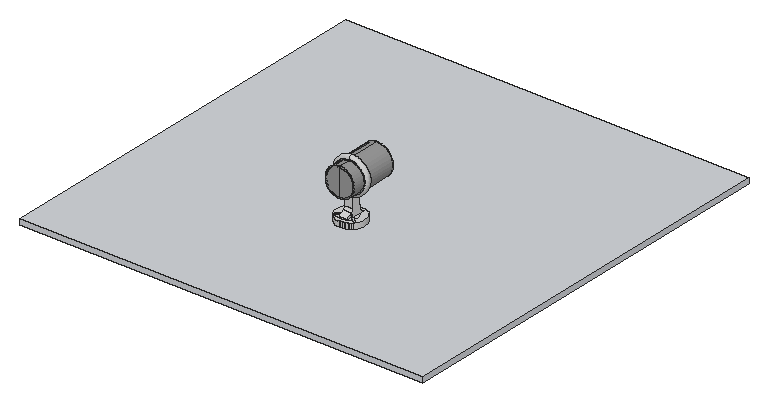
Revit family "41-Cepillera", category Aparatos sanitarios, Revit 2018
Family settings
  Anfitrión = Cara
  Cota de conector redondo = Diámetro de uso
  Tipo de pieza = Normal
  Número OmniClass = 23.45.00.00
  Título OmniClass = Sanitary, Laundry, and Cleaning Equipment
  Corte con vacíos al cargar = No
  Compartido = No
  Punto de cálculo de habitación = No
Parameters
  Vida útil unidad = ""
  Vida útil = ""
  URL = ""
  Tráfico = "Residencial"
  Presión mínima = ""
  Presión Máxima = ""
  Nombre del Fabricante = "Corona"
  Nombre = "Cepillera Palermo"
  Model = ""
  Material de Fabricación = "Latón"
  Material Acabado = Cromo-Corona
  Fabricante = "www.corona.com.co"
  Default Elevation = 0 mm
  Duración Garantía Unidad = "Año"
  Diámetro de conexión entrada = ""
  Descripción IFC = "Cepillera Palermo"
  Description = ""
  Assembly Code = ""
  Consumo de agua = ""
  Color = "Cromo"
  Caudal = ""
  Acabado = "Brillante"
Reference planes
  plane 1 "Center (Front/Back)": y = 0
  plane 2: z = 0
  plane 3 "Center (Left/Right)": x = 0
  plane 4: z = 76.522
  plane 5: x = 34.346
  plane 6: y = 63.466
Forms (mm)
  Extrusion 1, solid
    sketch origin (0, 0, 0) x (1, 0, 0) y (0, 1, 0)
      loop
        line (-385.853, 470) -> (-385.853, -304.449) -> (380.791, -304.449) -> (380.791, 470) -> (-385.853, 470)
    from 0 to -9.713
  Revolve 2, solid, material "Cromo-Corona", detail levels medium+fine
    sketch origin (0, 0, 0) x (0, -1, 0) y (0, 0, 1)
      loop
        line (0, 0) -> (27, 0) -> (27, 10.016) -> (15.089, 10.016) -> (0, 10.016) -> (0, 0)
      axis (0, 10.016) -> (0, 0)
    angle from 0 to 360
  Extrusion 3, solid, material "Cromo-Corona", detail levels medium+fine
    sketch origin (-20.24, 0, 0) x (0, 1, 0) y (0, 0, -1)
      loop
        line (-18.902, -12.351) -> (-7.631, -18.345)
        arc (-7.631, -18.345) -> (-4.924, -20.913) -> (-3.927, -24.509) r 6.981
        line (-3.927, -24.509) -> (-3.927, -45.99)
        arc (-3.927, -45.99) -> (1.397, -51.314) -> (6.721, -45.99) r 5.324
        line (6.721, -45.99) -> (11.89, -19.399)
        arc (11.89, -19.399) -> (14.781, -13.536) -> (20.248, -9.949) r 12.433
        line (20.248, -9.949) -> (-18.902, -9.949) -> (-18.902, -12.351)
    from -27.972 to -12.508
  Revolve 4, solid, material "Cromo-Corona", detail levels medium+fine
    sketch origin (0, 0, 0) x (0, -1, 0) y (0, 0, 1)
      loop
        line (27, 0) -> (27, 10.174)
        arc (27, 10.174) -> (26.284, 11.903) -> (24.555, 12.619) r 2.445
        line (24.555, 12.619) -> (0, 12.619) -> (0, 0) -> (27, 0)
      axis (0, 12.619) -> (0, 0)
    angle from -45 to 45
  Sweep 5, solid
    path origin (0, 0, 10.122) x (0, -1, 0) y (1, 0, 0)
      loop
        line (0, 0) -> (20.105, 20.105)
    profile origin (10.053, -10.053, 10.122) x (0.707107, 0.707107, 0) y (0, 0, 1)
      loop
        line (0, 2.515) -> (0, 0.003) -> (2.332, 0.003)
        arc (2.332, 0.003) -> (1.063, 0.556) -> (0.605, 1.862) r 1.731
        arc (0.605, 1.862) -> (0.445, 2.321) -> (0, 2.515) r 0.605
  Revolve 6, void
    sketch origin (0, 0, 0) x (0, -1, 0) y (0, 0, 1)
      loop
        line (27, 0) -> (28.874, 0) -> (28.388, 13.913) -> (24.556, 13.913) -> (24.556, 12.621)
        arc (24.556, 12.621) -> (26.294, 11.792) -> (27, 10) r 2.627
        line (27, 10) -> (27, 0)
      axis (0, 13.913) -> (0, 0)
    angle from 0 to 360
  Sweep 7, solid, material "Cromo-Corona", detail levels medium+fine
    path origin (0, 0, 10.122) x (0, -1, 0) y (1, 0, 0)
      loop
        line (0, 0) -> (20.105, -20.105)
    profile origin (-10.053, -10.053, 10.122) x (0.707107, -0.707107, 0) y (0, 0, 1)
      loop
        arc (0, 2.515) -> (-0.428, 2.338) -> (-0.605, 1.91) r 0.605
        arc (-0.605, 1.91) -> (-1.064, 0.605) -> (-2.332, 0.052) r 1.731
        line (-2.332, 0.052) -> (0, 0.052) -> (0, 2.515)
  Revolve 8, solid, material "Cromo-Corona", detail levels medium+fine
    sketch origin (0, 0, 0) x (0, 1, 0) y (0, 0, 1)
      loop
        line (7.057, 47.525) -> (7.057, 51.467) -> (-3.701, 51.467) -> (-3.701, 47.525)
        arc (-3.701, 47.525) -> (1.678, 42.146) -> (7.057, 47.525) r 5.379
      axis (7.057, 76.522) -> (-3.701, 76.522)
    angle from 0 to 360
  Revolve 9, solid, material "Acrilico Corona", detail levels medium+fine
    sketch origin (0, 0, 0) x (0, 1, 0) y (0, 0, 1)
      loop
        arc (62.551, 46.753) -> (63.472, 47.674) -> (62.551, 48.595) r 0.921
        line (62.551, 48.595) -> (-1.928, 48.595) -> (-1.928, 50.953) -> (-25.224, 50.953) -> (-25.224, 76.522) -> (-27.224, 76.522) -> (-27.224, 50.341)
        arc (-27.224, 50.341) -> (-26.904, 49.568) -> (-26.131, 49.248) r 1.094
        line (-26.131, 49.248) -> (-3.634, 49.248)
        arc (-3.634, 49.248) -> (-3.41, 47.546) -> (-1.887, 46.753) r 1.859
        line (-1.887, 46.753) -> (6.666, 46.753) -> (62.551, 46.753)
      axis (62.551, 76.522) -> (-27.224, 76.522)
    angle from 0 to 360
  Extrusion 10, solid, material "Vidrio", detail levels coarse
    sketch origin (0, 0, 0) x (0, 1, 0) y (0, 0, 1)
      loop
        line (63.466, 111.247) -> (-27, 111.247) -> (-27, 0) -> (63.466, 0) -> (63.466, 111.247)
    from -34.864 to 33.853
Cuts and joins
  Revolve 6 cuts Revolve 2
  Revolve 6 cuts Sweep 5
  Revolve 6 cuts Sweep 7
Lines and regions (mm)
  symbolic lines, not visible, detail levels medium+fine
    curve 1: arc (-9.395, 25.313, 60) -> (-26.575, -4.773, 60) -> (0, -27, 60) r 27
    curve 2: arc (-23.417, 2.554, 60) -> (-18.953, 13.988, 60) -> (-9.343, 21.623, 60) r 23.555
    curve 3: arc (0, -23.555, 60) -> (-15.727, -17.536, 60) -> (-23.417, -2.554, 60) r 23.555
    curve 4: arc (23.417, -2.554, 60) -> (15.727, -17.536, 60) -> (0, -23.555, 60) r 23.555
    curve 5: arc (20.24, -4.076, 60) -> (16.164, 0, 60) -> (20.24, 4.076, 60) r 4.076
    curve 6: arc (20.24, 2.188, 60) -> (22.428, 0, 60) -> (20.24, -2.188, 60) r 2.188
    curve 7: arc (20.24, -2.188, 60) -> (18.052, 0, 60) -> (20.24, 2.188, 60) r 2.188
    curve 8: arc (20.24, 4.076, 60) -> (24.316, 0, 60) -> (20.24, -4.076, 60) r 4.076
    curve 9: arc (-20.24, 4.076, 60) -> (-24.316, 0, 60) -> (-20.24, -4.076, 60) r 4.076
    curve 10: arc (-20.24, -4.076, 60) -> (-16.164, 0, 60) -> (-20.24, 4.076, 60) r 4.076
    curve 11: arc (-20.24, -2.188, 60) -> (-18.052, 0, 60) -> (-20.24, 2.188, 60) r 2.188
    curve 12: arc (-20.24, 2.188, 60) -> (-22.428, 0, 60) -> (-20.24, -2.188, 60) r 2.188
    curve 13: arc (0, -27, 60) -> (26.585, -4.715, 60) -> (9.284, 25.354, 60) r 27
    curve 14: arc (9.214, 21.679, 60) -> (18.911, 14.044, 60) -> (23.417, 2.554, 60) r 23.555
    curve 15: arc (9.87, -10, 60) -> (14.737, 0, 60) -> (9.87, 10, 60) r 12.706
    curve 16: arc (-9.87, -10, 60) -> (-14.737, 0, 60) -> (-9.87, 10, 60) r 12.706
    curve 17: line (9.87, 10, 60) -> (-9.87, 10, 60)
    curve 18: line (-9.87, -10, 60) -> (9.87, -10, 60)
    curve 20: line (-20.24, -27, 0) -> (-20.24, -27, 2.689)
    curve 21: arc (-20.24, -27, 2.689) -> (-20.24, -26.589, 3.681) -> (-20.24, -25.597, 4.092) r 1.403
    curve 22: line (-20.24, -25.597, 4.092) -> (-20.24, 25.449, 4.092)
    curve 23: arc (-20.24, 25.449, 4.092) -> (-20.24, 26.581, 3.623) -> (-20.24, 27.05, 2.49) r 1.602
    curve 24: line (-20.24, 27.05, 2.49) -> (-20.24, 27.05, 0)
    curve 25: line (-20.24, -23.555, 4.092) -> (-20.24, -16.852, 10.795)
    curve 26: arc (-20.24, -16.852, 10.795) -> (-20.24, -16, 11.37) -> (-20.24, -14.994, 11.584) r 2.694
    curve 27: line (-20.24, -14.994, 11.584) -> (-20.24, 15.089, 11.584)
    curve 28: arc (-20.24, 15.089, 11.584) -> (-20.24, 16.111, 11.357) -> (-20.24, 16.942, 10.72) r 2.419
    curve 29: line (-20.24, 16.942, 10.72) -> (-20.24, 23.57, 4.092)
    curve 30: line (-20.24, -10, 11.584) -> (-20.24, -10, 72.37)
    curve 31: arc (-20.24, -10, 72.37) -> (-20.24, 0, 77.201) -> (-20.24, 10, 72.37) r 12.765
    curve 32: line (-20.24, 10, 72.37) -> (-20.24, 10, 11.584)
    curve 34: line (27.05, 0, 0) -> (27.05, 0, 2.516)
    curve 35: arc (27.05, 0, 2.516) -> (26.551, 0, 3.663) -> (25.373, 0, 4.08) r 1.567
    curve 36: line (25.373, 0, 4.08) -> (-25.331, 0, 4.08)
    curve 37: arc (-25.331, 0, 4.08) -> (-26.511, 0, 3.591) -> (-27, 0, 2.411) r 1.669
    curve 38: line (-27, 0, 2.411) -> (-27, 0, 0)
    curve 39: line (-23.412, 0, 4.08) -> (-16.514, 0, 10.978)
    curve 40: arc (-16.514, 0, 10.978) -> (-15.691, 0, 11.489) -> (-14.726, 0, 11.584) r 2.133
    curve 41: line (-14.726, 0, 11.584) -> (15.1, 0, 11.584)
    curve 42: arc (15.1, 0, 11.584) -> (16.03, 0, 11.363) -> (16.763, 0, 10.748) r 2.072
    curve 43: line (16.763, 0, 10.748) -> (23.431, 0, 4.08)
    curve 44: line (9.881, 0, 11.584) -> (9.881, 0, 62.5)
    curve 45: arc (9.881, 0, 62.5) -> (0.011, 0, 72.37) -> (-9.859, 0, 62.5) r 9.87
    curve 46: line (-9.859, 0, 11.584) -> (-9.859, 0, 62.5)
    curve 47: line (14.754, 0, 11.584) -> (14.754, 0, 62.5)
    curve 48: arc (14.754, 0, 62.5) -> (-0.012, 0, 77.265) -> (-14.777, 0, 62.5) r 14.765
    curve 49: line (-14.777, 0, 62.5) -> (-14.777, 0, 11.522)
  symbolic lines, detail levels coarse
    curve 19: line (27, 0, 0) -> (-27, 0, 0)
    curve 33: line (-20.24, 30.401, 0) -> (-20.24, -27, 0)
    curve 92: line (-34.594, 63.483, 60) -> (34.625, 63.483, 60)
    curve 93: line (-34.594, -27.242, 60) -> (-34.594, 63.483, 60)
    curve 94: line (34.625, -27.242, 60) -> (-34.594, -27.242, 60)
    curve 95: line (34.625, 63.483, 60) -> (34.625, -27.242, 60)
    curve 112: line (34.346, 0, 0) -> (-34.346, 0, 0)
    curve 113: line (34.346, 0, 110.868) -> (34.346, 0, 0)
    curve 114: line (-34.346, 0, 110.868) -> (34.346, 0, 110.868)
    curve 115: line (-34.346, 0, 0) -> (-34.346, 0, 110.868)
    curve 116: line (0, -27.184, 111.247) -> (0, 63.466, 111.247)
    curve 117: line (0, -27.184, 0) -> (0, -27.184, 111.247)
    curve 118: line (0, 63.466, 0) -> (0, -27.184, 0)
    curve 119: line (0, 63.466, 111.247) -> (0, 63.466, 0)
  symbolic lines, detail levels medium+fine
    curve 50: line (0, 27, 0) -> (0, 27, 7.263)
    curve 51: arc (0, 27, 7.263) -> (0, 26.193, 9.21) -> (0, 24.246, 10.016) r 2.754
    curve 52: line (0, 24.246, 10.016) -> (0, 1.681, 10.016)
    curve 53: arc (0, 1.681, 10.016) -> (0, 0.676, 10.79) -> (0, 0.428, 12.032) r 1.805
    curve 54: arc (0, 0.428, 12.032) -> (0, 0.256, 12.447) -> (0, -0.158, 12.619) r 0.586
    curve 55: line (0, -0.158, 12.619) -> (0, -24.66, 12.619)
    curve 56: arc (0, -24.66, 12.619) -> (0, -26.41, 11.839) -> (0, -27, 10.016) r 2.353
    curve 57: line (0, -27, 10.016) -> (0, -27, 0)
    curve 58: line (0, -27, 0) -> (0, 27, 0)
    curve 59: arc (0, 11.89, 19.399) -> (0, 14.781, 13.536) -> (0, 20.248, 9.949) r 12.433
    curve 60: line (0, 11.89, 19.399) -> (0, 6.721, 45.99)
    curve 61: line (0, -3.927, 45.99) -> (0, -3.927, 24.509)
    curve 62: arc (0, -7.631, 18.345) -> (0, -4.924, 20.913) -> (0, -3.927, 24.509) r 6.981
    curve 63: line (0, -7.631, 18.345) -> (0, -18.902, 12.351)
    curve 64: arc (0, 7.041, 47.172) -> (0, 1.623, 41.754) -> (0, -3.794, 47.172) r 5.418
    curve 65: line (0, -3.794, 47.172) -> (0, -3.794, 105.823)
    curve 66: arc (0, -3.794, 105.823) -> (0, 1.63, 111.247) -> (0, 7.054, 105.823) r 5.424
    curve 67: line (0, 7.054, 105.823) -> (0, 7.054, 47.353)
    curve 68: arc (0, 63.466, 105.261) -> (0, 63.287, 105.967) -> (0, 62.629, 106.278) r 0.853
    curve 69: line (0, 62.629, 106.278) -> (0, 7.035, 106.278)
    curve 70: line (0, -3.794, 103.923) -> (0, -26.231, 103.923)
    curve 71: arc (0, -26.231, 103.923) -> (0, -27.062, 103.49) -> (0, -27.184, 102.561) r 1.015
    curve 72: line (0, -27.184, 102.561) -> (0, -27.184, 50.42)
    curve 73: arc (0, -27.184, 50.42) -> (0, -26.841, 49.591) -> (0, -26.012, 49.248) r 1.172
    curve 74: line (0, -26.012, 49.248) -> (0, -3.794, 49.248)
    curve 75: line (0, 7.027, 46.776) -> (0, 62.767, 46.776)
    curve 76: arc (0, 62.767, 46.776) -> (0, 63.316, 47.266) -> (0, 63.466, 47.987) r 1.175
    curve 77: line (0, 63.466, 47.987) -> (0, 63.466, 105.261)
    curve 78: arc (-29.196, 7.062, 60) -> (-34.594, 1.664, 60) -> (-29.196, -3.733, 60) r 5.398
    curve 79: line (-29.196, 7.062, 60) -> (29.261, 7.062, 60)
    curve 80: arc (29.261, 7.062, 60) -> (34.625, 1.699, 60) -> (29.261, -3.665, 60) r 5.363
    curve 81: line (29.261, -3.665, 60) -> (-30.055, -3.665, 60)
    curve 82: line (-29.781, 7.03, 60) -> (-29.781, 62.584, 60)
    curve 83: arc (-29.781, 62.584, 60) -> (-29.518, 63.22, 60) -> (-28.882, 63.483, 60) r 0.899
    curve 84: line (-28.882, 63.483, 60) -> (28.766, 63.483, 60)
    curve 85: arc (28.766, 63.483, 60) -> (29.485, 63.186, 60) -> (29.782, 62.467, 60) r 1.016
    curve 86: line (29.782, 62.467, 60) -> (29.782, 7.037, 60)
    curve 87: line (27.209, -3.665, 60) -> (27.209, -25.897, 60)
    curve 88: arc (27.209, -25.897, 60) -> (26.889, -26.775, 60) -> (26.08, -27.242, 60) r 1.366
    curve 89: line (26.08, -27.242, 60) -> (-26.143, -27.242, 60)
    curve 90: arc (-26.143, -27.242, 60) -> (-26.932, -26.915, 60) -> (-27.26, -26.125, 60) r 1.117
    curve 91: line (-27.26, -26.125, 60) -> (-27.26, -3.665, 60)
    curve 96: line (27, 0, 10.016) -> (0, 0, 10.016)
    curve 97: line (0, 0, 10.016) -> (-27, 0, 10.016)
    curve 98: line (27, 0, 10.016) -> (27, 0, 0)
    curve 99: line (-27, 0, 0) -> (-27, 0, 10.016)
    curve 100: line (7.877, 0, 10.016) -> (7.877, 0, 43.091)
    curve 101: line (-7.877, 0, 10.016) -> (-7.877, 0, 43.091)
    curve 102: line (7.877, 0, 12.638) -> (17.399, 0, 12.638)
    curve 103: spline (17.399, 0, 12.638) -> (17.552, 0, 12.602) -> (17.702, 0, 12.561) -> (17.849, 0, 12.516) -> (17.993, 0, 12.466) -> (18.131, 0, 12.412) -> (18.265, 0, 12.354) -> (18.392, 0, 12.292) -> (18.513, 0, 12.226) -> (18.627, 0, 12.158) -> (18.733, 0, 12.087) -> (18.831, 0, 12.013) -> (18.92, 0, 11.938)
    curve 104: line (18.92, 0, 11.938) -> (20.774, 0, 10.016)
    curve 105: line (18.92, 0, 11.938) -> (20.774, 0, 10.016)
    curve 106: spline (17.366, 0, 12.645) -> (17.514, 0, 12.611) -> (17.66, 0, 12.573) -> (17.803, 0, 12.531) -> (17.943, 0, 12.484) -> (18.079, 0, 12.433) -> (18.211, 0, 12.378) -> (18.337, 0, 12.32) -> (18.457, 0, 12.258) -> (18.571, 0, 12.193) -> (18.677, 0, 12.125) -> (18.776, 0, 12.055) -> (18.868, 0, 11.983)
    curve 107: line (-7.877, 0, 12.638) -> (-17.399, 0, 12.638)
    curve 108: line (-18.92, 0, 11.938) -> (-20.774, 0, 10.016)
    curve 109: spline (-17.399, 0, 12.638) -> (-17.552, 0, 12.602) -> (-17.702, 0, 12.561) -> (-17.849, 0, 12.516) -> (-17.993, 0, 12.466) -> (-18.131, 0, 12.412) -> (-18.265, 0, 12.354) -> (-18.392, 0, 12.292) -> (-18.513, 0, 12.226) -> (-18.627, 0, 12.158) -> (-18.733, 0, 12.087) -> (-18.831, 0, 12.013) -> (-18.92, 0, 11.938)
    curve 110: circle (0, 0, 76.522) r 34.346 normal (0, -1, 0)
    curve 111: circle (0, 0, 76.522) r 31.878 normal (0, -1, 0)
Dimensions and locks
  aligned and locked: plane 2 to Extrusion 1
  aligned and locked: level to Extrusion 1
